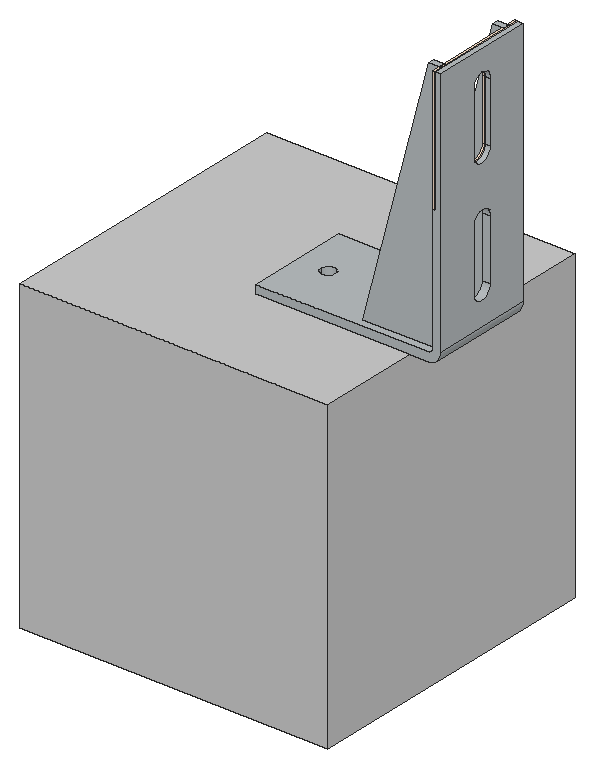
Revit family "REC-MPA01", category Structural Connections, host Face, Revit 2024
Family settings
  Host = Face
  Material for Model Behavior = Steel
  Enable Cutting in Views = Yes
  Cut with Voids When Loaded = Yes
  Shared = No
Parameters (values of type "MPA01")
  Visible = yes
  URL_Product_(Producto) = ""
  URL_DataSheet_(FichaTecnica) = ""
  URL_CE_Marking_(MarcadoCE) = ""
  Type IFC Predefined Type = "Brackets"
  Type Comments = ""
  URL = "https://recense.com/"
  Model = "MPA01"
  Manufacturer = "RECENSE"
  Keynote_ESP = "Sistema de sustentación de paneles prefabricados de hormigón sobre soporte horizontal para transmitir tanto cargas verticales (hasta 43 KN) como horizontales (hasta 8 KN)."
  Keynote = "Supporting system of precast concrete panels on horizontal support to transmit both vertical loads (up to 43 KN) and horizontal loads (up to 8 KN)."
  IFCExportType = Classification.Uniclass.Pr.Description  # "Brackets"
  IFCExportAs = "IfcElementAssembly"
  Fecha de Creacion: = "01/03/2024"
  Fecha Ultima Revision: = "01/03/2024"
  Export Type to IFC As = "IfcElementAssembly"
  Description_ESP = "Ménsula de panel modelo 1"
  Description = "Panel corbel model.1"
  Default Elevation = 0.0 mm
  Creado por: = "Deliprogal SL"
  Cost = 0
  Classification.Uniclass.Ss.Number = ""
  Classification.Uniclass.Ss.Description = ""
  Classification.Uniclass.Pr.Number = "Pr_20_85_09"
  Classification.Uniclass.Pr.Description = "Brackets"
  Classification.Uniclass.EF.Number = ""
  Classification.Uniclass.EF.Description = ""
  Classification.Space.Number = ""
  Classification.Space.Description = ""
  Classification.Facility.Number = ""
  Classification.Facility.Description = ""
  Assembly Code = ""
Reference planes
  plane 1 "Center (Front/Back)": y = 0
  plane 2: z = 0
  plane 3 "Center (Left/Right)": x = 0
Forms (mm)
  Extrusion 1, solid, material "REC_Base"
    sketch origin (0, -719.2, 0) x (1, 0, 0) y (0, 1, 0)
      loop
        line (-150, 869.2) -> (-150, 569.2) -> (150, 569.2) -> (150, 869.2) -> (-150, 869.2)
    from 0 to -300
  Extrusion 2, solid, material "REC_Acero, S 275JR (Zincado)"
    sketch origin (0, 50, 0) x (1, 0, 0) y (0, 0, 1)
      loop
        line (0, 8) -> (0, 0) -> (168, 0)
        arc (168, 0) -> (176.485, 3.515) -> (180, 12) r 12
        line (180, 12) -> (180, 255) -> (174, 255) -> (174, 134.5) -> (172, 134.5) -> (172, 12)
        arc (172, 12) -> (170.828, 9.172) -> (168, 8) r 4
        line (168, 8) -> (0, 8)
    from 0 to 100
  Extrusion 3, solid, material "REC_Acero, S 275JR (Zincado)"
    sketch origin (0, 50, 0) x (1, 0, 0) y (0, 0, 1)
      loop
        line (97.01, 8) -> (168, 8) -> (172, 11.99) -> (172, 255) -> (162.01, 255) -> (97.01, 8)
    from 8 to 14
  Extrusion 4, void
    sketch origin (50, 50, 8) x (0, -1, 0) y (1, 0, 0)
      loop
        circle (50, -20) r 7
    from -8 to 0
  Extrusion 5, void
    sketch origin (0, 50, 0) x (0, 0, 1) y (0, -1, 0)
      loop
        line (224.5, 60.5) -> (165.5, 60.5)
        arc (165.5, 60.5) -> (155, 50) -> (165.5, 39.5) r 10.5
        line (165.5, 39.5) -> (224.5, 39.5)
        arc (224.5, 39.5) -> (235, 50) -> (224.5, 60.5) r 10.5
      loop
        line (104.5, 60.5) -> (45.5, 60.5)
        arc (45.5, 60.5) -> (35, 50) -> (45.5, 39.5) r 10.5
        line (45.5, 39.5) -> (104.5, 39.5)
        arc (104.5, 39.5) -> (115, 50) -> (104.5, 60.5) r 10.5
    from 172 to 180
  Extrusion 6, solid, material "REC_Denteado"
    sketch origin (0, 50, 0) x (1, 0, 0) y (0, 0, 1)
      loop
        line (174, 255) -> (172, 255) -> (172, 134.5) -> (174, 134.5) -> (174, 255)
    from 0 to 100
  Extrusion 7, solid, material "REC_Acero, S 275JR (Zincado)"
    sketch origin (0, -50, 0) x (1, 0, 0) y (0, 0, -1)
      loop
        line (97.01, -8) -> (162.01, -255) -> (172, -255) -> (172, -11.99) -> (168, -8) -> (97.01, -8)
    from 8 to 14
Cuts and joins
  Extrusion 4, Extrusion 5 cuts Extrusion 2
  joined: Extrusion 2, Extrusion 3, Extrusion 7
  Extrusion 5 cuts Extrusion 6
Dimensions and locks
  aligned and locked: plane 2 to Extrusion 1
  aligned and locked: level to Extrusion 1
